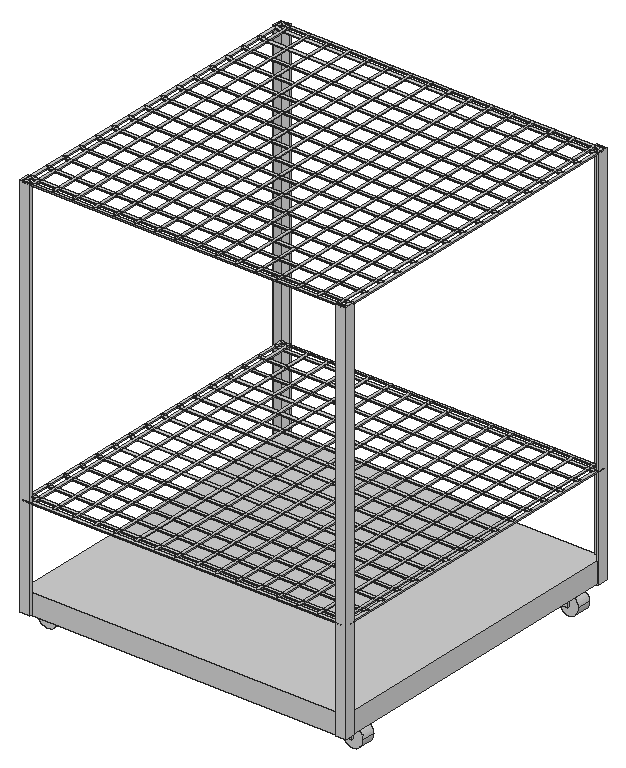
Revit family "GR", category Specialty Equipment, Revit 2012
Parameters (values of type "Golf Shaft Rolling Rack (Default)")
  URL = "http://madixinc.com/display/freestanding.html"
  Model = "Golf Shaft Rolling Rack"
  Manufacturer = "© 2012 Madix, Inc. All rights reserved."
Reference planes (in)
  plane 1 "Center (Front/Back)": y = 0
  plane 2: z = 0
  plane 3 "Center (Left/Right)": x = 0
  plane 4: x = -16
  plane 5: x = 16
  plane 6: y = 16
  plane 7: y = -16
  plane 8: z = 40
  plane 9: z = 2
  plane 10: z = 4
  plane 11: z = 12
  plane 12: y = 15.75
  plane 13: y = -15.75
  plane 14: x = -15.75
  plane 15: x = 15.75
  plane 16: y = 14
  plane 17: y = 12.5
  plane 18: y = 12.625
  plane 19: y = 13.875
  plane 20: y = -14
  plane 21: y = -12.5
  plane 22: y = -12.625
  plane 23: y = -13.875
  plane 24: x = -14
  plane 25: y = -14
  plane 26: y = -12.5
  plane 27: y = -12.625
  plane 28: y = -13.875
Forms (in)
  Extrusion 1, solid, material "Metal - Steel"
    sketch origin (0, 0, 0) x (1, 0, 0) y (0, 1, 0)
      loop
        line (-16, 16) -> (-16, 15) -> (-15.875, 15) -> (-15.875, 15.875) -> (-15, 15.875) -> (-15, 16) -> (-16, 16)
      loop
        line (16, 16) -> (15, 16) -> (15, 15.875) -> (15.875, 15.875) -> (15.875, 15) -> (16, 15) -> (16, 16)
      loop
        line (-16, -16) -> (-15, -16) -> (-15, -15.875) -> (-15.875, -15.875) -> (-15.875, -15) -> (-16, -15) -> (-16, -16)
      loop
        line (16, -16) -> (16, -15) -> (15.875, -15) -> (15.875, -15.875) -> (15, -15.875) -> (15, -16) -> (16, -16)
    from 2 to 40
  Extrusion 2, solid, material "Metal - Steel"
    sketch origin (0, 0, 0) x (1, 0, 0) y (0, 1, 0)
      loop
        line (-15.875, 15.875) -> (-15.875, -15.875) -> (15.875, -15.875) -> (15.875, 15.875) -> (-15.875, 15.875)
    from 2 to 4
  Sweep 3, solid, material "Metal - Steel"
    path origin (0, 0, 0) x (1, 0, 0) y (0, 1, 0)
      loop
        line (-15.875, 15.875) -> (-15.875, -15.875) -> (15.875, -15.875) -> (15.875, 15.875) -> (-15.875, 15.875)
    profile origin (-15.875, 0, 0) x (1, 0, 0) y (0, 0, 1)
      loop
        circle (0.125, 39.875) r 0.125
  Sweep 4, solid, material "Metal - Steel"
    path origin (-0.00361, 0, -28) x (1, 0, 0) y (0, 1, 0)
      loop
        line (-15.875, 15.875) -> (-15.875, -15.875) -> (15.875, -15.875) -> (15.875, 15.875) -> (-15.875, 15.875)
    profile origin (-15.87861, 0, -28) x (1, 0, 0) y (0, 0, 1)
      loop
        circle (0.125, 39.875) r 0.125
  Extrusion 5, solid, material "Metal - Steel"
    sketch origin (0, 0, 0) x (1, 0, 0) y (0, 0, 1)
      loop
        circle (1, 39.875) r 0.125
      loop
        circle (3, 39.875) r 0.125
      loop
        circle (5, 39.875) r 0.125
      loop
        circle (7, 39.875) r 0.125
      loop
        circle (9, 39.875) r 0.125
      loop
        circle (11, 39.875) r 0.125
      loop
        circle (13, 39.875) r 0.125
      loop
        circle (15, 39.875) r 0.125
      loop
        circle (-1, 39.875) r 0.125
      loop
        circle (-3, 39.875) r 0.125
      loop
        circle (-5, 39.875) r 0.125
      loop
        circle (-7, 39.875) r 0.125
      loop
        circle (-9, 39.875) r 0.125
      loop
        circle (-11, 39.875) r 0.125
      loop
        circle (-13, 39.875) r 0.125
      loop
        circle (-15, 39.875) r 0.125
      loop
        circle (1, 11.875) r 0.125
      loop
        circle (3, 11.875) r 0.125
      loop
        circle (5, 11.875) r 0.125
      loop
        circle (7, 11.875) r 0.125
      loop
        circle (9, 11.875) r 0.125
      loop
        circle (11, 11.875) r 0.125
      loop
        circle (13, 11.875) r 0.125
      loop
        circle (15, 11.875) r 0.125
      loop
        circle (-1, 11.875) r 0.125
      loop
        circle (-3, 11.875) r 0.125
      loop
        circle (-5, 11.875) r 0.125
      loop
        circle (-7, 11.875) r 0.125
      loop
        circle (-9, 11.875) r 0.125
      loop
        circle (-11, 11.875) r 0.125
      loop
        circle (-13, 11.875) r 0.125
      loop
        circle (-15, 11.875) r 0.125
    from -15.75 to 15.75
  Extrusion 6, solid, material "Metal - Steel"
    sketch origin (0, 0, 0) x (0, 1, 0) y (0, 0, 1)
      loop
        circle (-1, 39.875) r 0.125
      loop
        circle (-3, 39.875) r 0.12941
      loop
        circle (-5, 39.875) r 0.125
      loop
        circle (-7, 39.875) r 0.125
      loop
        circle (-9, 39.875) r 0.125
      loop
        circle (-11, 39.875) r 0.125
      loop
        circle (-13, 39.875) r 0.125
      loop
        circle (-15, 39.875) r 0.125
      loop
        circle (1, 39.875) r 0.125
      loop
        circle (3, 39.875) r 0.12941
      loop
        circle (5, 39.875) r 0.125
      loop
        circle (7, 39.875) r 0.125
      loop
        circle (9, 39.875) r 0.125
      loop
        circle (11, 39.875) r 0.125
      loop
        circle (13, 39.875) r 0.125
      loop
        circle (15, 39.875) r 0.125
      loop
        circle (-1, 11.875) r 0.125
      loop
        circle (-3, 11.875) r 0.12941
      loop
        circle (-5, 11.875) r 0.125
      loop
        circle (-7, 11.875) r 0.125
      loop
        circle (-9, 11.875) r 0.125
      loop
        circle (-11, 11.875) r 0.125
      loop
        circle (-13, 11.875) r 0.125
      loop
        circle (-15, 11.875) r 0.125
      loop
        circle (1, 11.875) r 0.125
      loop
        circle (3, 11.875) r 0.12941
      loop
        circle (5, 11.875) r 0.125
      loop
        circle (7, 11.875) r 0.125
      loop
        circle (9, 11.875) r 0.125
      loop
        circle (11, 11.875) r 0.125
      loop
        circle (13, 11.875) r 0.125
      loop
        circle (15, 11.875) r 0.125
    from -15.75 to 15.75
  Extrusion 7, solid, material "Metal - Steel"
    sketch origin (0, 0, 0) x (1, 0, 0) y (0, 0, 1)
      loop
        line (-15, 2) -> (-15, 0.75) -> (-14.5, 0.75)
        arc (-14.5, 0.75) -> (-13.52372, 1.10346) -> (-13, 2) r 1.525
        line (-13, 2) -> (-15, 2)
      loop
        line (15, 2) -> (13, 2)
        arc (13, 2) -> (13.52372, 1.10346) -> (14.5, 0.75) r 1.525
        line (14.5, 0.75) -> (15, 0.75) -> (15, 2)
    from -14 to -13.875
  Extrusion 8, solid, material "Metal - Steel"
    sketch origin (0, 0, 0) x (1, 0, 0) y (0, 0, 1)
      loop
        line (-15, 2) -> (-15, 0.75) -> (-14.5, 0.75)
        arc (-14.5, 0.75) -> (-13.52372, 1.10346) -> (-13, 2) r 1.525
        line (-13, 2) -> (-15, 2)
      loop
        line (15, 2) -> (13, 2)
        arc (13, 2) -> (13.52372, 1.10346) -> (14.5, 0.75) r 1.525
        line (14.5, 0.75) -> (15, 0.75) -> (15, 2)
    from -12.625 to -12.5
  Extrusion 9, solid, material "Metal - Steel"
    sketch origin (0, 0, 0) x (1, 0, 0) y (0, 0, -1)
      loop
        line (-15, -2) -> (-13, -2)
        arc (-13, -2) -> (-13.52372, -1.10346) -> (-14.5, -0.75) r 1.525
        line (-14.5, -0.75) -> (-15, -0.75) -> (-15, -2)
      loop
        line (15, -2) -> (15, -0.75) -> (14.5, -0.75)
        arc (14.5, -0.75) -> (13.52372, -1.10346) -> (13, -2) r 1.525
        line (13, -2) -> (15, -2)
    from -14 to -13.875
  Extrusion 10, solid, material "Metal - Steel"
    sketch origin (0, 0, 0) x (1, 0, 0) y (0, 0, -1)
      loop
        line (-15, -2) -> (-13, -2)
        arc (-13, -2) -> (-13.52372, -1.10346) -> (-14.5, -0.75) r 1.525
        line (-14.5, -0.75) -> (-15, -0.75) -> (-15, -2)
      loop
        line (15, -2) -> (15, -0.75) -> (14.5, -0.75)
        arc (14.5, -0.75) -> (13.52372, -1.10346) -> (13, -2) r 1.525
        line (13, -2) -> (15, -2)
    from -12.625 to -12.5
  Extrusion 11, solid, material "Metal - Steel"
    sketch origin (0, 0, 0) x (1, 0, 0) y (0, 0, 1)
      loop
        circle (-15, 1) r 1
    from -13.875 to -12.625
  Extrusion 12, solid, material "Metal - Steel"
    sketch origin (0, 0, 0) x (-1, 0, 0) y (0, 0, -1)
      loop
        circle (-15, -1) r 1
    from -13.875 to -12.625
  Extrusion 13, solid, material "Metal - Steel"
    sketch origin (0, 0, 0) x (1, 0, 0) y (0, 0, -1)
      loop
        circle (-15, -1) r 1
    from -13.875 to -12.625
  Extrusion 14, solid, material "Metal - Steel"
    sketch origin (0, 0, 0) x (-1, 0, 0) y (0, 0, 1)
      loop
        circle (-15, 1) r 1
    from -13.875 to -12.625
Dimensions and locks (in)
  aligned and locked: level to plane 2
